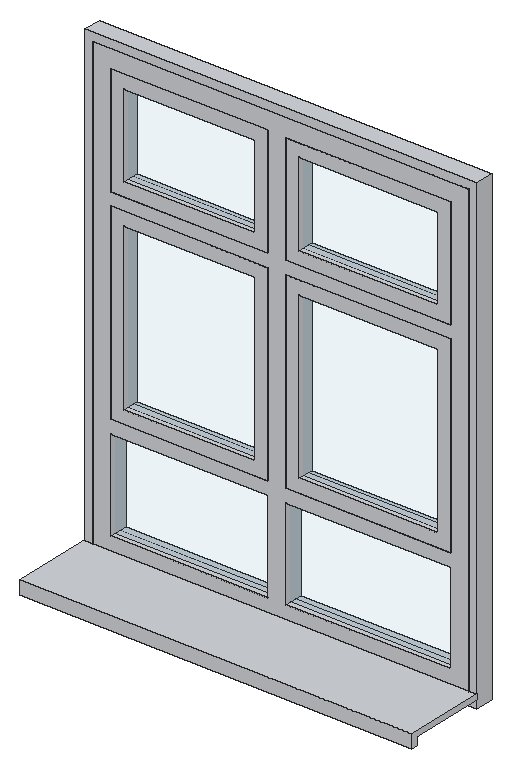
Revit family "AVLN_Окно_Две Фрамуга_2 створки", category Окна, Revit 2019
Family settings
  Основа = Стена
  Номер OmniClass = 23.30.20.00
  Заголовок OmniClass = Windows
  Всегда вертикально = Да
  При загрузке вырезать с полостями = Нет
  Общий = Нет
  Точка расчета площади = Нет
Parameters (values of type "Для копирования!")
  Ширина рамы = 70 mm
  Ширина импоста = 50 mm
  Четверть слева/справа = 50 mm
  Четверть низ = 0 mm  # constant formula
  Четверть верх = 50 mm
  Створка_сверху_высота = 420 mm
  Створка_снизу_высота = 350 mm
  Створка_толщина = 25 mm  # constant formula
  Толщина основы [instance] = 200 mm
  Створка_справа_ширина = Width - ((Ширина рамы * 3) + (Монтажный зазор * 2) + Створка_слева_ширина)  # 630 mm
  Створка_слева_ширина = 600 mm
  Створка_профиль = 50 mm
  Створка_высота = Height - (Створка_снизу_высота + Створка_сверху_высота + (Ширина рамы * 2) + (Ширина импоста * 2) + (Монтажный зазор * 2))  # 730 mm
  Центр право открывание = АВЛН_Створка открывная : Створка откидная
  Центр лево открывание = АВЛН_Створка открывная : Створка откидная
  Rough Width = Width - Монтажный зазор * 2  # 1440 mm
  Rough Height = Height - Монтажный зазор * 2  # 1740 mm
  Подстановочный профиль_Ширина = 20 mm  # constant formula
  Подстановочный профиль_Толщина = 60 mm
  Подоконник_Толщина = 20 mm
  Подоконник_Длина = Width  # 1500 mm
  Подоконник_Глубина = 280 mm
  Подоконник = yes
  Низ право открывание = АВЛН_Створка открывная : Створка глухая
  Низ лево открывание = АВЛН_Створка открывная : Створка глухая
  Глубина вставки = 0 mm
  Отлив_Толщина = 1 mm  # constant formula
  Отлив_Длина = Width - [Четверть слева/справа] * 2  # 1400 mm
  Отлив_Глубина = 280 mm
  Отлив = no
  Откос_Н.Ширина = Width - 2 * [Четверть слева/справа]  # 1400 mm
  Откос_Н.Толщина.8 = 32 mm
  Откос_Н.Толщина.7 = 28 mm
  Откос_Н.Толщина.6 = 24 mm
  Откос_Н.Толщина.5 = 20 mm
  Откос_Н.Толщина.4 = 16 mm
  Откос_Н.Толщина.3 = 12 mm
  Откос_Н.Толщина.2 = 8 mm
  Откос_Н.Толщина.1 = 4 mm
  Откос_Н.Отступ_П = 0 mm  # constant formula
  Откос_Н.Отступ_Л = 0 mm  # constant formula
  Откос_Н.Количество слоев = 0
  Откос_Н.Глубина = 150 mm
  Откос_Н.Высота = Height - Четверть верх - Четверть низ  # 1750 mm
  Откос_В.Толщина.8 = 32 mm
  Откос_В.Толщина.7 = 28 mm
  Откос_В.Толщина.6 = 24 mm
  Откос_В.Толщина.5 = 20 mm
  Откос_В.Толщина.4 = 16 mm
  Откос_В.Толщина.3 = 12 mm
  Откос_В.Толщина.2 = 8 mm
  Откос_В.Толщина.1 = 4 mm
  Откос_В.Отступ_П [instance] = Монтажный зазор + Подоконник_Толщина  # 50 mm
  Откос_В.Отступ_Л [instance] = Монтажный зазор + Подоконник_Толщина  # 50 mm
  Откос_В.Количество слоев = 0
  Откос_В.Глубина [instance] = Толщина основы - Глубина вставки - Ширина рамы  # 130 mm
  Монтажный зазор = 30 mm
  М.Подоконник = none
  М.Отлив = none
  М.Откос_Н.8 = none
  М.Откос_Н.7 = none
  М.Откос_Н.6 = none
  М.Откос_Н.5 = none
  М.Откос_Н.4 = none
  М.Откос_Н.3 = none
  М.Откос_Н.2 = none
  М.Откос_Н.1 = ADSK_Полимеры_ Поливинилхлорид_(ПВХ) белый
  М.Откос_В.8 = none
  М.Откос_В.7 = none
  М.Откос_В.6 = none
  М.Откос_В.5 = none
  М.Откос_В.4 = none
  М.Откос_В.3 = none
  М.Откос_В.2 = none
  М.Откос_В.1 = ADSK_Полимеры_ Поливинилхлорид_(ПВХ) белый
  М.Монтажного зазора = none
  М.Стекла = Стекло
  М.Рамы = none
  М.Подоконный профиль = none
  Type Comments = ""
  Height = 1800 mm
  Высота подоконника по умолчанию = 800 mm
  Замыкание стены = По основе
  Width = 1500 mm
  Верх право открывание = АВЛН_Створка открывная : Створка откидная
  Верх лево открывание = АВЛН_Створка открывная : Створка откидная
  Аналитическая конструкция = "<Нет>"
  АВЛН_Проем_Ширина [instance] = Width  # 1500 mm
  АВЛН_Проем_Высота [instance] = Height  # 1800 mm
  ADSK_Этаж [instance] = ""
  ADSK_Размер_Ширина = Width  # 1500 mm
  ADSK_Размер_Высота = Height  # 1800 mm
  ADSK_Примечание [instance] = ""
  ADSK_Площадь = Height * Width  # 2.70 m²
  ADSK_Обозначение = ""
  ADSK_Номер секции [instance] = ""
  ADSK_Наименование = ""
  ADSK_Марка = ""
  ADSK_Группирование = ""
  -----------Разрезка----------- = "-----------"  # constant formula
  -----------Профили----------- = "-----------"  # constant formula
  -----------Подоконник----------- = "-----------"  # constant formula
  -----------Отлив----------- = "-----------"  # constant formula
  -----------Откос----------- = "-----------"  # constant formula
  -----------Основные габариты----------- = "-----------"  # constant formula
  -----------Вставка----------- = "-----------"  # constant formula
Reference planes
  plane 1 "По центру (Вперед/Назад)": y = 0
  plane 2 "По центру (Влево/Вправо)": x = 0
  plane 3 "Слева": x = -750
  plane 4 "Справа": x = 750
  plane 5 "Подоконник": z = 800
  plane 6 "Заголовок": z = 2600
  plane 7 "Наружный": y = 100
  plane 8 "Внутренние": y = -100
  plane 9 "Окно": y = 100
  plane 10: x = 720
  plane 11: z = 2570
  plane 12: x = -720
  plane 13: z = 830
  plane 14: x = 700
  plane 15: x = -700
  plane 16: z = 1700
  plane 17: y = 700
  plane 18: y = -400
  plane 19: z = 2550
  plane 20 "Чет. низ": z = 800
  plane 21 "Внутряння грань": y = 30
  plane 22: y = 80
  plane 23 "Импост верх": z = 1300
  plane 24 "Импост низ": z = 1250
  plane 25: z = 900
  plane 26: z = 2500
  plane 27: x = -650
  plane 28: x = 650
  plane 29 "4": z = 1275
  plane 30 "5": x = -50
  plane 31 "6": x = 20
  plane 32 "9": x = 0
  plane 33 "10": x = 335
  plane 34 "11": x = -350
  plane 35 "12": z = 1665
  plane 36: z = 1075
  plane 37 "14": z = 2080
  plane 38 "15": z = 2030
  plane 39 "16": z = 2055
  plane 40: z = 2290
Forms (mm)
  Extrusion 1, void
    sketch origin (0, 100, 0) x (1, 0, 0) y (0, 0, 1)
      loop
        line (700, 2550) -> (-700, 2550) -> (-700, 800) -> (700, 800) -> (700, 2550)
    from -600 to 20
  Extrusion 2, void
    sketch origin (0, 100, 0) x (1, 0, 0) y (0, 0, 1)
      loop
        line (750, 2600) -> (-750, 2600) -> (-750, 800) -> (750, 800) -> (750, 2600)
    from 0 to 500
  Extrusion 3, solid, material <- "М.Монтажного зазора", detail levels medium+fine
    sketch origin (0, 100, 0) x (1, 0, 0) y (0, 0, 1)
      loop
        line (750, 2600) -> (-750, 2600) -> (-750, 800) -> (750, 800) -> (750, 2600)
      loop
        line (-720, 2570) -> (-720, 830) -> (720, 830) -> (720, 2570) -> (-720, 2570)
    from 0 to 70
  Extrusion 4, solid, material <- "М.Рамы", detail levels medium+fine
    sketch origin (0, 100, 0) x (-1, 0, 0) y (0, 0, 1)
      loop
        line (-720, 2570) -> (-720, 830) -> (720, 830) -> (720, 2570) -> (-720, 2570)
      loop
        line (-20, 900) -> (-20, 1250) -> (-650, 1250) -> (-650, 900) -> (-20, 900)
      loop
        line (50, 2500) -> (50, 2080) -> (650, 2080) -> (650, 2500) -> (50, 2500)
      loop
        line (50, 900) -> (650, 900) -> (650, 1250) -> (50, 1250) -> (50, 900)
      loop
        line (50, 1300) -> (650, 1300) -> (650, 2030) -> (50, 2030) -> (50, 1300)
      loop
        line (-20, 2500) -> (-650, 2500) -> (-650, 2080) -> (-20, 2080) -> (-20, 2500)
      loop
        line (-20, 1300) -> (-20, 2030) -> (-650, 2030) -> (-650, 1300) -> (-20, 1300)
    from -70 to 0
Lines and regions (mm)
  reference lines
    curve 1: line (-750, -100, 1275) -> (750, -100, 1275)
    curve 2: line (-15, -100, 2600) -> (-15, -100, 800)
    curve 3: line (-750, -100, 2055) -> (750, -100, 2055)
Text (mm)
  text "EXTERIOR" at (-1963.203, 1332.353, 0), in view "Опорный уровень"
  text "INTERIOR" at (-1981.466, -818.386, 0), in view "Опорный уровень"
  text "Наружный" at (0, 923.751, 2943.296), in view "Справа"
  text "Наружный" at (0, 1240.237, 2685.409), in view "Слева"
Dimensions and locks
  equal spacing: plane 3 "Слева", plane 2 "По центру (Влево/Вправо)", plane 4 "Справа"
  "Width": plane 3 "Слева" to plane 4 "Справа"
  "Height": plane 5 "Подоконник" to plane 6 "Заголовок"
  "Высота подоконника по умолчанию": plane 5 "Подоконник" to level
  locked: plane 7 "Наружный" to host wall at 0
  locked: plane 8 "Внутренние" to host wall
  "Глубина вставки": plane 9 "Окно" to plane 7 "Наружный"
  "Монтажный зазор": plane 10 to plane 4 "Справа"
  "Монтажный зазор": plane 3 "Слева" to plane 12
  "Монтажный зазор": plane 11 to plane 6 "Заголовок"
  "Монтажный зазор": plane 5 "Подоконник" to plane 13
  "Четверть слева/справа": plane 14 to plane 4 "Справа"
  "Четверть слева/справа": plane 3 "Слева" to plane 15
  equal spacing: plane 5 "Подоконник", plane 16, plane 6 "Заголовок"
  plane 7 "Наружный" to plane 17 = 600 mm
  locked: plane 18 to plane 8 "Внутренние" at 300
  "Четверть верх": plane 19 to plane 6 "Заголовок"
  "Четверть низ": plane 5 "Подоконник" to plane 20 "Чет. низ"
  "Ширина рамы": plane 9 "Окно" to plane 21 "Внутряння грань"
  "Толщина основы": host wall to host wall
  locked: plane 22 to plane 21 "Внутряння грань" at 50
  "Ширина импоста": plane 24 "Импост низ" to plane 23 "Импост верх"
  "Ширина рамы": plane 28 to plane 10
  "Ширина рамы": plane 12 to plane 27
  "Ширина рамы": plane 13 to plane 25
  "Ширина рамы": plane 26 to plane 11
  plane 23 "Импост верх" to plane 26 = 1200 mm
  "Створка_снизу_высота": plane 25 to plane 24 "Импост низ"
  equal spacing: plane 23 "Импост верх", plane 29 "4", plane 24 "Импост низ"
  "Створка_слева_ширина": plane 27 to plane 30 "5"
  "Ширина рамы": plane 30 "5" to plane 31 "6"
  equal spacing: plane 30 "5", curve 2, plane 31 "6"
  equal spacing: plane 31 "6", plane 33 "10", plane 28
  equal spacing: plane 27, plane 34 "11", plane 30 "5"
  equal spacing: plane 38 "15", plane 35 "12", plane 23 "Импост верх"
  equal spacing: plane 24 "Импост низ", plane 36, plane 25
  plane 23 "Импост верх" to nested 6 to plane 26 = 365 mm, 835 mm
  plane 25 to plane 36 to plane 24 "Импост низ" = 175 mm, 175 mm
  "Ширина импоста": plane 38 "15" to plane 37 "14"
  equal spacing: plane 37 "14", plane 39 "16", plane 38 "15"
  "Створка_сверху_высота": plane 37 "14" to plane 26
  equal spacing: plane 37 "14", plane 40, plane 26
  aligned and locked: Extrusion 1 sketch curve to plane 14
  aligned and locked: Extrusion 1 sketch curve to plane 15
  aligned and locked: plane 17 to Extrusion 1
  aligned and locked: Extrusion 2 sketch curve to plane 6 "Заголовок"
  aligned and locked: Extrusion 2 sketch curve to plane 4 "Справа"
  aligned and locked: plane 5 "Подоконник" to Extrusion 2 sketch curve
  aligned and locked: plane 3 "Слева" to Extrusion 2 sketch curve
  aligned and locked: plane 9 "Окно" to Extrusion 2
  aligned and locked: Extrusion 2 to plane 18
  aligned and locked: Extrusion 1 sketch curve to plane 19
  aligned and locked: plane 20 "Чет. низ" to Extrusion 1 sketch curve
  aligned and locked: plane 9 "Окно" to nested 1
  aligned and locked: plane 2 "По центру (Влево/Вправо)" to nested 1
  aligned and locked: nested 2 to plane 21 "Внутряння грань"
  aligned and locked: nested 2 to plane 2 "По центру (Влево/Вправо)"
  aligned and locked: nested 3 to plane 2 "По центру (Влево/Вправо)"
  aligned and locked: plane 8 "Внутренние" to nested 3
  aligned and locked: nested 4 to plane 9 "Окно"
  aligned and locked: Extrusion 3 sketch curve to plane 6 "Заголовок"
  aligned and locked: Extrusion 3 sketch curve to plane 4 "Справа"
  aligned and locked: Extrusion 3 sketch curve to nested 2  (x2)
  aligned and locked: Extrusion 3 sketch curve to plane 11
  aligned and locked: Extrusion 3 sketch curve to plane 12
  aligned and locked: Extrusion 3 sketch curve to plane 13
  aligned and locked: Extrusion 3 sketch curve to plane 10
  aligned and locked: Extrusion 3 to nested 2
  aligned and locked: plane 24 "Импост низ" to Extrusion 4 sketch curve
  aligned and locked: plane 23 "Импост верх" to Extrusion 4 sketch curve
  aligned and locked: Extrusion 4 sketch curve to Extrusion 4 sketch curve  (x2)
  aligned and locked: plane 27 to Extrusion 4 sketch curve
  aligned and locked: Extrusion 4 sketch curve to plane 12
  aligned and locked: plane 13 to Extrusion 4 sketch curve
  aligned and locked: Extrusion 4 sketch curve to plane 26
  aligned and locked: Extrusion 4 sketch curve to plane 11
  aligned and locked: plane 20 "Чет. низ" to nested 4
  aligned and locked: nested 4 to plane 2 "По центру (Влево/Вправо)"
  aligned and locked: plane 9 "Окно" to Extrusion 3
  aligned and locked: Extrusion 4 to plane 21 "Внутряння грань"
  aligned and locked: plane 9 "Окно" to Extrusion 4
  aligned and locked: Extrusion 1 to plane 22
  aligned and locked: curve 1 to plane 29 "4"
  aligned and locked: plane 3 "Слева" to curve 1
  aligned and locked: plane 4 "Справа" to curve 1
  aligned and locked: Extrusion 4 sketch curve to plane 30 "5"
  aligned and locked: Extrusion 4 sketch curve to plane 10
  aligned and locked: plane 26 to Extrusion 4 sketch curve
  aligned and locked: Extrusion 4 sketch curve to plane 25
  aligned and locked: Extrusion 4 sketch curve to plane 28
  aligned and locked: Extrusion 4 sketch curve to plane 24 "Импост низ"
  aligned and locked: Extrusion 4 sketch curve to plane 23 "Импост верх"
  aligned and locked: Extrusion 4 sketch curve to plane 31 "6"  (x2)
  aligned and locked: plane 6 "Заголовок" to curve 2
  aligned and locked: plane 5 "Подоконник" to curve 2
  aligned and locked: plane 35 "12" to nested 5
  aligned and locked: plane 35 "12" to nested 6
  aligned and locked: plane 33 "10" to nested 6
  aligned and locked: plane 36 to nested 7
  aligned and locked: plane 36 to nested 8
  aligned and locked: plane 33 "10" to nested 7
  aligned and locked: plane 34 "11" to nested 8
  aligned and locked: plane 34 "11" to nested 5
  aligned and locked: Extrusion 4 to plane 31 "6"
  aligned and locked: plane 30 "5" to Extrusion 4
  aligned and locked: plane 28 to Extrusion 4
  aligned and locked: Extrusion 4 to plane 27
  aligned and locked: plane 37 "14" to Extrusion 4 sketch curve
  aligned and locked: plane 38 "15" to Extrusion 4 sketch curve
  aligned and locked: Extrusion 4 sketch curve to plane 38 "15"
  aligned and locked: Extrusion 4 sketch curve to plane 37 "14"
  aligned and locked: plane 40 to nested 10
  aligned and locked: plane 34 "11" to nested 10
  aligned and locked: plane 40 to nested 9
  aligned and locked: plane 33 "10" to nested 9
  aligned and locked: curve 3 to plane 39 "16"
Automatic sketch dimensions
  plane 28 to Extrusion 4 sketch curve = 0 mm  (x2)
  plane 31 "6" to Extrusion 4 sketch curve = 0 mm
  plane 30 "5" to Extrusion 4 sketch curve = 0 mm
  plane 27 to Extrusion 4 sketch curve = 0 mm
  Extrusion 4 sketch curve to plane 25 = 0 mm
  plane 3 "Слева" to curve 3 = 0 mm
  plane 4 "Справа" to curve 3 = 0 mm
Nested families
  nested 1: "Отлив" at (0, 100, 800) x (-1, 0, 0) z (0, 0, 1), Глубина отлива <- "Отлив_Глубина", Длина отлива <- "Отлив_Длина", ТО <- "Отлив_Толщина", Ш_МЗЗ <- "Монтажный зазор", Ш_ПП <- "Подстановочный профиль_Ширина", ADSK_Группирование <- "ADSK_Группирование", ADSK_Номер секции <- "ADSK_Номер секции", ADSK_Этаж <- "ADSK_Этаж", visible <- "Отлив", М <- "М.Отлив", type "Отлив", detail levels fine
    with Ш_ПП 20 mm, Ш_МЗЗ 30 mm, ТО 1 mm, М none, Длина отлива 1400 mm, Глубина отлива 280 mm, ADSK_Этаж "", ADSK_Примечание "", ADSK_Обозначение "", ADSK_Номер секции "", ADSK_Наименование "", ADSK_Марка "", ADSK_Группирование ""
  nested 2: "Подоконник" at (0, 30, 800), Глубина подоконника <- "Подоконник_Глубина", Длина отлива <- "Подоконник_Длина", ТП <- "Подоконник_Толщина", Ш_МЗЗ <- "Монтажный зазор", Ш_ПП <- "Подстановочный профиль_Ширина", ADSK_Группирование <- "ADSK_Группирование", ADSK_Номер секции <- "ADSK_Номер секции", ADSK_Этаж <- "ADSK_Этаж", visible <- "Подоконник", М <- "М.Подоконник", type "Подоконник", detail levels fine
    with Ш_ПП 20 mm, Ш_МЗЗ 30 mm, ТП 20 mm, М none, Длина отлива 1500 mm, Глубина подоконника 280 mm, ADSK_Этаж "", ADSK_Примечание "", ADSK_Обозначение "", ADSK_Номер секции "", ADSK_Наименование "", ADSK_Марка "", ADSK_Группирование ""
  nested 3: "AVLN_Откосы_R19" at (0, -100, 0), Глубина <- "Откос_В.Глубина", Высота от уровня <- "Высота подоконника по умолчанию", ADSK_Группирование <- "Type Comments", ADSK_Этаж <- "ADSK_Этаж", ADSK_Номер секции <- "ADSK_Номер секции", Материал_1 <- "М.Откос_В.1", Материал_2 <- "М.Откос_В.2", Материал_3 <- "М.Откос_В.3", Материал_4 <- "М.Откос_В.4", Материал_5 <- "М.Откос_В.5", Материал_6 <- "М.Откос_В.6", Материал_7 <- "М.Откос_В.7", Материал_8 <- "М.Откос_В.8", Толщина_1 <- "Откос_В.Толщина.1", Толщина_2 <- "Откос_В.Толщина.2", Толщина_3 <- "Откос_В.Толщина.3", Толщина_4 <- "Откос_В.Толщина.4", Толщина_5 <- "Откос_В.Толщина.5", Толщина_6 <- "Откос_В.Толщина.6", Толщина_7 <- "Откос_В.Толщина.7", Толщина_8 <- "Откос_В.Толщина.8", Количество слоев <- "Откос_В.Количество слоев", Отступ_Л <- "Откос_В.Отступ_Л", Отступ_П <- "Откос_В.Отступ_П", Высота <- "Height", Ширина <- "Width", type "AVLN_Откосы_R19"
    with Ширина_8 1276 mm, Ширина_7 1332 mm, Ширина_6 1380 mm, Ширина_5 1420 mm, Ширина_4 1452 mm, Ширина_3 1476 mm, Ширина_2 1492 mm, Ширина 1500 mm, Толщина_8 32 mm, Толщина_7 28 mm, Толщина_6 24 mm, Толщина_5 20 mm, Толщина_4 16 mm, Толщина_3 12 mm, Толщина_2 8 mm, Толщина_1 4 mm, Отступ_П 50 mm, Отступ_Л 50 mm, Материал_8 none, Материал_7 none, Материал_6 none, Материал_5 none, Материал_4 none, Материал_3 none, Материал_2 none, Материал_1 ADSK_Полимеры_ Поливинилхлорид_(ПВХ) белый, Количество слоев 0, Глубина 130 mm, Высота_8 1688 mm, Высота_7 1716 mm, Высота_6 1740 mm, Высота_5 1760 mm, Высота_4 1776 mm, Высота_3 1788 mm, Высота_2 1796 mm, Высота от уровня 800 mm, Высота 1800 mm, Видимость_8 no, Видимость_7 no, Видимость_6 no, Видимость_5 no, Видимость_4 no, Видимость_3 no, Видимость_2 no, Видимость_1 no, ADSK_Этаж "", ADSK_Номер секции "", ADSK_Группирование ""
  nested 4: "AVLN_Откосы_R19" at (0, 100, 0), Ширина <- "Откос_Н.Ширина", Глубина <- "Откос_Н.Глубина", Высота <- "Откос_Н.Высота", Высота от уровня <- "Высота подоконника по умолчанию", ADSK_Группирование <- "Type Comments", ADSK_Этаж <- "ADSK_Этаж", ADSK_Номер секции <- "ADSK_Номер секции", Материал_1 <- "М.Откос_Н.1", Материал_2 <- "М.Откос_Н.2", Материал_3 <- "М.Откос_Н.3", Материал_4 <- "М.Откос_Н.4", Материал_5 <- "М.Откос_Н.5", Материал_6 <- "М.Откос_Н.6", Материал_7 <- "М.Откос_Н.7", Материал_8 <- "М.Откос_Н.8", Толщина_1 <- "Откос_Н.Толщина.1", Толщина_2 <- "Откос_Н.Толщина.2", Толщина_3 <- "Откос_Н.Толщина.3", Толщина_4 <- "Откос_Н.Толщина.4", Толщина_5 <- "Откос_Н.Толщина.5", Толщина_6 <- "Откос_Н.Толщина.6", Толщина_7 <- "Откос_Н.Толщина.7", Толщина_8 <- "Откос_Н.Толщина.8", Количество слоев <- "Откос_Н.Количество слоев", Отступ_Л <- "Откос_Н.Отступ_Л", Отступ_П <- "Откос_Н.Отступ_П", type "AVLN_Откосы_R19"
    with Ширина_8 1176 mm, Ширина_7 1232 mm, Ширина_6 1280 mm, Ширина_5 1320 mm, Ширина_4 1352 mm, Ширина_3 1376 mm, Ширина_2 1392 mm, Ширина 1400 mm, Толщина_8 32 mm, Толщина_7 28 mm, Толщина_6 24 mm, Толщина_5 20 mm, Толщина_4 16 mm, Толщина_3 12 mm, Толщина_2 8 mm, Толщина_1 4 mm, Отступ_П 0 mm, Отступ_Л 0 mm, Материал_8 none, Материал_7 none, Материал_6 none, Материал_5 none, Материал_4 none, Материал_3 none, Материал_2 none, Материал_1 ADSK_Полимеры_ Поливинилхлорид_(ПВХ) белый, Количество слоев 0, Глубина 150 mm, Высота_8 1638 mm, Высота_7 1666 mm, Высота_6 1690 mm, Высота_5 1710 mm, Высота_4 1726 mm, Высота_3 1738 mm, Высота_2 1746 mm, Высота от уровня 800 mm, Высота 1750 mm, Видимость_8 no, Видимость_7 no, Видимость_6 no, Видимость_5 no, Видимость_4 no, Видимость_3 no, Видимость_2 no, Видимость_1 no, ADSK_Этаж "", ADSK_Номер секции "", ADSK_Группирование ""
  nested 5: "АВЛН_Створка открывная" at (-350, 30, 1665) x (1, 0, 0) z (0, 1, 0), type <- "Центр лево открывание", Створка высота <- "Створка_высота", Створка ширина <- "Створка_слева_ширина", Ширина рамы <- "Створка_профиль", Материал_Ручки <- "М.Рамы", Материал_Рама <- "М.Рамы", Материал_Стеклопакет <- "М.Стекла", type "Створка откидная", detail levels medium+fine
    with Ширина рамы 50 mm, Створка ширина 600 mm, Створка высота 730 mm, Материал_Стеклопакет Стекло, Материал_Ручки none, Материал_Рама none, Width 600 mm, Height 730 mm
  nested 6: "АВЛН_Створка открывная" at (335, 30, 1665) x (1, 0, 0) z (0, 1, 0), type <- "Центр право открывание", Створка высота <- "Створка_высота", Створка ширина <- "Створка_справа_ширина", Ширина рамы <- "Створка_профиль", Материал_Ручки <- "М.Рамы", Материал_Рама <- "М.Рамы", Материал_Стеклопакет <- "М.Стекла", type "Створка откидная", detail levels medium+fine
    with Ширина рамы 50 mm, Створка ширина 630 mm, Створка высота 730 mm, Материал_Стеклопакет Стекло, Материал_Ручки none, Материал_Рама none, Width 600 mm, Height 730 mm
  nested 7: "АВЛН_Створка открывная" at (335, 30, 1075) x (1, 0, 0) z (0, 1, 0), type <- "Низ право открывание", Створка высота <- "Створка_снизу_высота", Створка ширина <- "Створка_справа_ширина", Ширина рамы <- "Створка_профиль", Материал_Ручки <- "М.Рамы", Материал_Рама <- "М.Рамы", Материал_Стеклопакет <- "М.Стекла", type "Створка глухая", detail levels medium+fine
    with Ширина рамы 50 mm, Створка ширина 630 mm, Створка высота 350 mm, Материал_Стеклопакет Стекло, Материал_Ручки none, Материал_Рама none, Height 730 mm
  nested 8: "АВЛН_Створка открывная" at (-350, 30, 1075) x (1, 0, 0) z (0, 1, 0), Створка высота <- "Створка_снизу_высота", Створка ширина <- "Створка_слева_ширина", Ширина рамы <- "Створка_профиль", type <- "Низ лево открывание", Материал_Ручки <- "М.Рамы", Материал_Рама <- "М.Рамы", Материал_Стеклопакет <- "М.Стекла", type "Створка глухая", detail levels medium+fine
    with Ширина рамы 50 mm, Створка ширина 600 mm, Створка высота 350 mm, Материал_Стеклопакет Стекло, Материал_Ручки none, Материал_Рама none, Height 730 mm
  nested 9: "АВЛН_Створка открывная" at (335, 30, 2290) x (1, 0, 0) z (0, 1, 0), type <- "Верх право открывание", Створка высота <- "Створка_сверху_высота", Створка ширина <- "Створка_справа_ширина", Ширина рамы <- "Створка_профиль", Материал_Ручки <- "М.Рамы", Материал_Рама <- "М.Рамы", Материал_Стеклопакет <- "М.Стекла", type "Створка откидная", detail levels medium+fine
    with Ширина рамы 50 mm, Створка ширина 630 mm, Створка высота 420 mm, Материал_Стеклопакет Стекло, Материал_Ручки none, Материал_Рама none, Width 600 mm, Height 730 mm
  nested 10: "АВЛН_Створка открывная" at (-350, 30, 2290) x (1, 0, 0) z (0, 1, 0), type <- "Верх лево открывание", Створка высота <- "Створка_сверху_высота", Створка ширина <- "Створка_слева_ширина", Ширина рамы <- "Створка_профиль", Материал_Ручки <- "М.Рамы", Материал_Рама <- "М.Рамы", Материал_Стеклопакет <- "М.Стекла", type "Створка откидная", detail levels medium+fine
    with Ширина рамы 50 mm, Створка ширина 600 mm, Створка высота 420 mm, Материал_Стеклопакет Стекло, Материал_Ручки none, Материал_Рама none, Width 600 mm, Height 730 mm
Definition of nested family "Отлив"
  Parameters (values of type "Отлив")
    Ш_ПП [instance] = 50 mm
    Ш_МЗЗ [instance] = 35 mm
    ТО [instance] = 1 mm
    Default Elevation = 1219.2 mm
    М [instance] = none
    Длина отлива [instance] = 1560 mm
    Глубина отлива [instance] = 280 mm
    ADSK_Этаж [instance] = ""
    ADSK_Примечание [instance] = ""
    ADSK_Обозначение [instance] = ""
    ADSK_Номер секции [instance] = ""
    ADSK_Наименование [instance] = ""
    ADSK_Марка [instance] = ""
    ADSK_Группирование [instance] = ""
  Reference planes
    plane 1 "По центру (Вперед/Назад)": y = 0
    plane 2: z = 0
    plane 3 "По центру (Влево/Вправо)": x = 0
    plane 4: y = -280
    plane 5: x = -780
    plane 6: x = 780
    plane 7: z = 35
    plane 8: z = 85
    plane 9: y = -1
    plane 10: y = -300
    plane 11: y = -301
    plane 12: z = -35
    plane 13: z = 34
  Forms (mm)
    Extrusion 1, solid, material <- "М"
      sketch origin (0, 0, 0) x (0, 1, 0) y (0, 0, 1)
        loop
          line (0, 85) -> (-1, 85) -> (-1, 34.893) -> (-301, 0.893) -> (-301, -35) -> (-300, -35) -> (-300, 0) -> (0, 34) -> (0, 85)
      from -780 to 780
  Dimensions and locks
    equal spacing: plane 5, plane 3 "По центру (Влево/Вправо)", plane 6
    "Длина отлива": plane 5 to plane 6
    "Глубина отлива": plane 4 to plane 1 "По центру (Вперед/Назад)"
    "Ш_МЗЗ": plane 7 to level
    "Ш_ПП": plane 8 to plane 7
    "ТО": plane 1 "По центру (Вперед/Назад)" to plane 9
    "ТО": plane 10 to plane 11
    locked: level to plane 12 at 35
    "ТО": plane 7 to plane 13
    "ТО": Extrusion 1 sketch curve to Extrusion 1 sketch curve
    locked: plane 4 to plane 10 at 20
    aligned and locked: level to plane 2
    aligned and locked: plane 8 to Extrusion 1 sketch curve
    aligned and locked: plane 9 to Extrusion 1 sketch curve
    aligned and locked: plane 11 to Extrusion 1 sketch curve
    aligned and locked: plane 12 to Extrusion 1 sketch curve
    aligned and locked: plane 1 "По центру (Вперед/Назад)" to Extrusion 1 sketch curve  (x2)
    aligned and locked: plane 13 to Extrusion 1 sketch curve
    aligned and locked: level to Extrusion 1 sketch curve
    aligned and locked: plane 10 to Extrusion 1 sketch curve
    aligned and locked: plane 6 to Extrusion 1
    aligned and locked: Extrusion 1 to plane 5
Definition of nested family "Подоконник"
  Parameters (values of type "Подоконник")
    Ш_ПП [instance] = 50 mm
    Ш_МЗЗ [instance] = 35 mm
    ТП [instance] = 20 mm
    Default Elevation = 1219.2 mm
    М [instance] = none
    Длина отлива [instance] = 1560 mm
    Глубина подоконника [instance] = 280 mm
    ADSK_Этаж [instance] = ""
    ADSK_Примечание [instance] = ""
    ADSK_Обозначение [instance] = ""
    ADSK_Номер секции [instance] = ""
    ADSK_Наименование [instance] = ""
    ADSK_Марка [instance] = ""
    ADSK_Группирование [instance] = ""
  Reference planes
    plane 1 "По центру (Вперед/Назад)": y = 0
    plane 2: z = 0
    plane 3 "По центру (Влево/Вправо)": x = 0
    plane 4: y = -280
    plane 5: x = -780
    plane 6: x = 780
    plane 7: z = 35
    plane 8: z = 85
    plane 9: y = -20
    plane 10: y = -290
    plane 11: y = -310
    plane 12: z = -35
    plane 13: z = 15
    plane 14: z = 65
  Forms (mm)
    Extrusion 1, solid, material <- "М"
      sketch origin (0, 0, 0) x (0, 1, 0) y (0, 0, 1)
        loop
          line (0, 85) -> (-310, 85) -> (-310, 0) -> (-290, 0) -> (-290, 65) -> (0, 65) -> (0, 85)
      from -780 to 780
  Dimensions and locks
    equal spacing: plane 5, plane 3 "По центру (Влево/Вправо)", plane 6
    "Длина отлива": plane 5 to plane 6
    "Глубина подоконника": plane 4 to plane 1 "По центру (Вперед/Назад)"
    "Ш_МЗЗ": plane 7 to level
    "Ш_ПП": plane 8 to plane 7
    "ТП": plane 1 "По центру (Вперед/Назад)" to plane 9
    "ТП": plane 10 to plane 11
    locked: level to plane 12 at 35
    "ТП": plane 7 to plane 13
    locked: plane 4 to plane 10 at 10
    "ТП": plane 8 to plane 14
    aligned and locked: level to plane 2
    aligned and locked: plane 8 to Extrusion 1 sketch curve
    aligned and locked: plane 1 "По центру (Вперед/Назад)" to Extrusion 1 sketch curve
    aligned and locked: plane 10 to Extrusion 1 sketch curve
    aligned and locked: plane 11 to Extrusion 1 sketch curve
    aligned and locked: level to Extrusion 1 sketch curve
    aligned and locked: plane 14 to Extrusion 1 sketch curve
    aligned and locked: Extrusion 1 to plane 5
    aligned and locked: plane 6 to Extrusion 1
Definition of nested family "АВЛН_Створка открывная"
  Parameters (values of type "Створка повороно-откидная правая")
    Ширина рамы [instance] = 50 mm
    Width = 600 mm
    Створка ширина [instance] = 800 mm
    Створка высота [instance] = 700 mm
    Материал_Стеклопакет [instance] = none
    Поворотная Правая = yes
    Поворотная Левая = no
    Default Elevation = 1219.2 mm
    Открываная = yes
    Откидная = yes
    Материал_Ручки [instance] = none
    Материал_Рама [instance] = none
    Левая = yes
    Глухое = no
    Height = 1150 mm
    Analytic Construction = "<Нет>"
  Types (6, lengths in mm): name | Width | Поворотная Правая | Поворотная Левая | Открываная | Откидная | Глухое | Height
    Створка повороно-откидная правая | 600 | yes | no | yes | yes | no | 1150
    Створка повороно-откидная левая | 600 | no | yes | yes | yes | no | 1150
    Створка глухая | 600 | no | no | no | no | yes | 1150
    Створка откидная | 1300 | no | no | yes | yes | no | 1700
    Створка поворотная правая | 600 | yes | no | yes | no | no | 1150
    Створка поворотная левая | 600 | no | yes | yes | no | no | 1150
  Reference planes
    plane 1 "По центру (Вперед/Назад)": y = 0
    plane 2 "Внутрення грань": z = 0
    plane 3 "По центру (Влево/Вправо)": x = 0
    plane 4: y = 350
    plane 5: x = 400
    plane 6: y = -350
    plane 7: x = -400
    plane 8 "Наружняя грань": z = 60.433
    plane 9 "По центру Л/Р": z = 30.216
  Forms (mm)
    Extrusion 1, solid
      sketch origin (0, 0, 0) x (1, 0, 0) y (0, 1, 0)
        loop
          line (-1219.2, 1219.2) -> (-1219.2, -1219.2) -> (1219.2, -1219.2) -> (1219.2, 1219.2) -> (-1219.2, 1219.2)
      from 0 to -304.8
    Sweep 2, solid, material <- "Материал_Рама", visible <- "Открываная"
      path origin (0, 0, 0) x (1, 0, 0) y (0, 1, 0)
        loop
          line (400, 350) -> (-400, 350) -> (-400, -350) -> (400, -350) -> (400, 350)
      profile origin (0, 350, 0) x (0, -1, 0) y (0, 0, 1)
        loop
          line (0, 0) -> (50, 0) -> (50, 60.433) -> (0, 60.433) -> (0, 0)
    Extrusion 3, solid, material <- "Материал_Стеклопакет", visible <- "Открываная"
      sketch origin (0, 0, 0) x (1, 0, 0) y (0, 1, 0)
        loop
          line (-350, 300) -> (-350, -300) -> (350, -300) -> (350, 300) -> (-350, 300)
      from 17.481 to 42.952
    Extrusion 4, solid, material <- "Материал_Стеклопакет", visible <- "Глухое"
      sketch origin (0, 0, 0) x (1, 0, 0) y (0, 1, 0)
        loop
          line (-400, 350) -> (-400, -350) -> (400, -350) -> (400, 350) -> (-400, 350)
      from 17.481 to 42.952
  Lines and regions (mm)
    model lines, visible <- "Глухое", detail levels medium+fine
      curve 1: line (0, 50, 60.433) -> (0, -50, 60.433)
      curve 2: line (50, 0, 60.433) -> (-50, 0, 60.433)
      curve 17: line (0, 50, 0) -> (0, -50, 0)
      curve 18: line (50, 0, 0) -> (-50, 0, 0)
    model lines, visible <- "Глухое", not visible, detail levels medium+fine
      curve 3: line (60, 38.001, 60.433) -> (60, -61.999, 60.433)
      curve 4: line (110, -11.999, 60.433) -> (10, -11.999, 60.433)
    model lines, visible <- "Поворотная Правая", detail levels medium+fine
      curve 5: line (400, 350, 0) -> (-400, 0, 0)
      curve 6: line (400, -350, 0) -> (-400, 0, 0)
      curve 13: line (400, 350, 60.433) -> (-400, 0, 60.433)
      curve 14: line (400, -350, 60.433) -> (-400, 0, 60.433)
    model lines, visible <- "Откидная", detail levels medium+fine
      curve 7: line (-400, -350, 0) -> (0, 350, 0)
      curve 8: line (0, 350, 0) -> (400, -350, 0)
      curve 15: line (-400, -350, 60.433) -> (0, 350, 60.433)
      curve 16: line (0, 350, 60.433) -> (400, -350, 60.433)
    model lines, visible <- "Поворотная Левая", detail levels medium+fine
      curve 9: line (-400, 350, 0) -> (400, 0, 0)
      curve 10: line (-400, -350, 0) -> (400, 0, 0)
      curve 11: line (-400, 350, 60.433) -> (400, 0, 60.433)
      curve 12: line (-400, -350, 60.433) -> (400, 0, 60.433)
  Dimensions and locks
    "Створка высота": plane 4 to plane 6
    "Створка ширина": plane 7 to plane 5
    equal spacing: plane 7, plane 3 "По центру (Влево/Вправо)", plane 5
    equal spacing: plane 6, plane 1 "По центру (Вперед/Назад)", plane 4
    plane 2 "Внутрення грань" to plane 8 "Наружняя грань" = 60.433 mm
    level to Extrusion 4 = 42.952 mm
    plane 8 "Наружняя грань" to level = 60.433 mm
    equal spacing: Extrusion 3, plane 9 "По центру Л/Р", Extrusion 3
    equal spacing: plane 8 "Наружняя грань", plane 9 "По центру Л/Р", level
    Extrusion 3 to Extrusion 3 = 25.471 mm
    "Ширина рамы": profile plane to Sweep 2 sketch curve
    equal spacing: Extrusion 4, plane 9 "По центру Л/Р", Extrusion 4, locked at 12.735 each
    locked: Extrusion 4 to Extrusion 4 at 25.471
    equal spacing: Sweep 2, nested 1, Sweep 2
    equal spacing: Sweep 2, nested 2, Sweep 2
    aligned and locked: plane 2 "Внутрення грань" to Extrusion 1
    aligned and locked: level to Extrusion 1
    aligned and locked: plane 4 to Sweep 2 sketch curve
    aligned and locked: plane 5 to Sweep 2 sketch curve
    aligned and locked: plane 6 to Sweep 2 sketch curve
    aligned and locked: Sweep 2 sketch curve to plane 7
    aligned and locked: Extrusion 3 sketch curve to Sweep 2  (x4)
    aligned and locked: Extrusion 4 sketch curve to Sweep 2  (x3)
    aligned and locked: Extrusion 4 sketch curve to plane 5
    aligned and locked: Sweep 2 sketch curve to plane 8 "Наружняя грань"
    aligned and locked: plane 6 to Extrusion 4
    aligned and locked: plane 4 to Extrusion 4
    aligned and locked: curve 2 to plane 1 "По центру (Вперед/Назад)"
    aligned and locked: curve 1 to plane 3 "По центру (Влево/Вправо)"
    aligned and locked: curve 18 to plane 1 "По центру (Вперед/Назад)"
    aligned and locked: curve 17 to plane 3 "По центру (Влево/Вправо)"
    aligned and locked: nested 2 to plane 1 "По центру (Вперед/Назад)"
    aligned and locked: nested 1 to plane 1 "По центру (Вперед/Назад)"
  Automatic sketch dimensions
    Extrusion 1 sketch curve to Extrusion 1 sketch curve = 2438.4 mm  (x2)
    plane 1 "По центру (Вперед/Назад)" to curve 5 = 0 mm
    curve 5 to plane 7 = 0 mm
    curve 9 to plane 4 = 0 mm
    curve 9 to plane 7 = 0 mm
    plane 6 to curve 7 = 0 mm
    curve 7 to plane 7 = 0 mm
    curve 7 to plane 3 "По центру (Влево/Вправо)" = 0 mm
    curve 6 to plane 5 = 0 mm
    plane 1 "По центру (Вперед/Назад)" to curve 9 = 0 mm
    curve 9 to plane 5 = 0 mm
    curve 5 to plane 4 = 0 mm
    curve 5 to plane 5 = 0 mm
    plane 6 to curve 8 = 0 mm
    curve 8 to plane 4 = 0 mm
    curve 11 to plane 4 = 0 mm
    curve 11 to plane 7 = 0 mm
    plane 6 to curve 15 = 0 mm
    curve 15 to plane 7 = 0 mm
    plane 1 "По центру (Вперед/Назад)" to curve 14 = 0 mm
    curve 14 to plane 7 = 0 mm
    curve 15 to plane 3 "По центру (Влево/Вправо)" = 0 mm
    plane 1 "По центру (Вперед/Назад)" to curve 11 = 0 mm
    curve 11 to plane 5 = 0 mm
    curve 14 to plane 5 = 0 mm
    curve 13 to plane 4 = 0 mm
    curve 13 to plane 5 = 0 mm
    plane 6 to curve 14 = 0 mm
    curve 15 to plane 4 = 0 mm
    plane 1 "По центру (Вперед/Назад)" to curve 2 = 0 mm
    curve 1 to plane 3 "По центру (Влево/Вправо)" = 0 mm
    curve 2 to plane 3 "По центру (Влево/Вправо)" = 50 mm
    plane 3 "По центру (Влево/Вправо)" to curve 2 = 50 mm
    plane 1 "По центру (Вперед/Назад)" to curve 1 = 50 mm
    curve 1 to plane 1 "По центру (Вперед/Назад)" = 50 mm
    curve 18 to curve 17 = 50 mm
    curve 17 to curve 18 = 50 mm
    plane 1 "По центру (Вперед/Назад)" to curve 17 = 50 mm
    curve 17 to plane 1 "По центру (Вперед/Назад)" = 50 mm
    Sweep 2 sketch curve to level = 0 mm
    Sweep 2 sketch curve to profile plane = 0 mm
  Nested families
    nested 1: "АВЛН_Ручка" at (375, 1040, 0) x (1, 0, 0) z (0, -1, 0), visible <- "Поворотная Левая", Материал дверной ручки <- "Материал_Рама", type "АВЛН_Ручка", detail levels fine
      with Материал дверной ручки none, Высота расположения дверной ручки 1040 mm
    nested 2: "АВЛН_Ручка" at (-375, 1040, 0) x (1, 0, 0) z (0, -1, 0), visible <- "Поворотная Правая", Материал дверной ручки <- "Материал_Рама", type "АВЛН_Ручка", detail levels fine
      with Материал дверной ручки none, Высота расположения дверной ручки 1040 mm
  Definition of nested family "АВЛН_Ручка"
    Parameters (values of type "АВЛН_Ручка")
      Default Elevation = 1219.2 mm
      Материал дверной ручки [instance] = none
      Высота расположения дверной ручки [instance] = 1040 mm
      Analytic Construction = "<Нет>"
      b = 25 mm
      a = 75 mm
    Reference planes
      plane 1 "По центру (Вперед/Назад)": y = 0
      plane 2: z = 0
      plane 3 "По центру (Влево/Вправо)": x = 0
      plane 4: z = 1040
      plane 5: x = 12.5
      plane 6: x = -12.5
      plane 7: z = 1002.5
      plane 8: z = 1077.5
      plane 9: y = -15
    Forms (mm)
      Extrusion 1, solid, material <- "Материал дверной ручки"
        sketch origin (0, 0, 2080) x (-1, 0, 0) y (0, 0, -1)
          loop
            arc (-2.5, 1077.5) -> (-9.571, 1074.571) -> (-12.5, 1067.5) r 10
            line (-12.5, 1067.5) -> (-12.5, 1012.5)
            arc (-12.5, 1012.5) -> (-9.571, 1005.429) -> (-2.5, 1002.5) r 10
            line (-2.5, 1002.5) -> (2.5, 1002.5)
            arc (2.5, 1002.5) -> (9.571, 1005.429) -> (12.5, 1012.5) r 10
            line (12.5, 1012.5) -> (12.5, 1067.5)
            arc (12.5, 1067.5) -> (9.571, 1074.571) -> (2.5, 1077.5) r 10
            line (2.5, 1077.5) -> (-2.5, 1077.5)
        from 0 to 15
      Sweep 2, solid, material <- "Материал дверной ручки"
        path origin (-1040, 0, 1040) x (0, 0, -1) y (0, 1, 0)
          loop
            line (0, -15) -> (0, -38.261)
            arc (0, -38.261) -> (-2.929, -45.332) -> (-10, -48.261) r 10
            line (-10, -48.261) -> (-130, -48.261)
        profile origin (-1040, -26.63, 1040) x (0, 0, -1) y (1, 0, 0)
          loop
            circle (0, 1040) r 8
    Dimensions and locks
      "Высота расположения дверной ручки": plane 4 to level
      "a": plane 7 to plane 8
      "b": plane 6 to plane 5
      plane 6 to plane 5 = 25 mm
      locked: plane 1 "По центру (Вперед/Назад)" to plane 9 at 15
      plane 7 to plane 8 = 75 mm
      aligned and locked: level to plane 2
      aligned and locked: Extrusion 1 sketch curve to plane 7
      aligned and locked: plane 5 to Extrusion 1 sketch curve
      aligned and locked: plane 8 to Extrusion 1 sketch curve
      aligned and locked: Extrusion 1 sketch curve to plane 6
      aligned and locked: Extrusion 1 to plane 1 "По центру (Вперед/Назад)"
    Automatic sketch dimensions
      Sweep 2 sketch curve to plane 9 = 0 mm
      plane 4 to Sweep 2 sketch curve = 10 mm
      plane 9 to Sweep 2 sketch curve = 23.261 mm
      Sweep 2 sketch curve to Sweep 2 sketch curve = 120 mm
      Sweep 2 sketch curve to profile plane = 0 mm
      profile plane to Sweep 2 sketch curve = 1040 mm
      Sweep 2 sketch curve to plane 4 = 0 mm
      plane 3 "По центру (Влево/Вправо)" to Extrusion 1 sketch curve = 2.5 mm  (x2)
      Extrusion 1 sketch curve to plane 3 "По центру (Влево/Вправо)" = 2.5 mm  (x2)
      radius of Sweep 2 sketch curve = 8 mm
Definition of nested family "AVLN_Откосы_R19"
  Parameters (values of type "AVLN_Откосы_R19")
    Ширина_8 [instance] = Ширина_7 - Толщина_7 * 2  # 776 mm
    Ширина_7 [instance] = Ширина_6 - Толщина_6 * 2  # 832 mm
    Ширина_6 [instance] = Ширина_5 - Толщина_5 * 2  # 880 mm
    Ширина_5 [instance] = Ширина_4 - Толщина_4 * 2  # 920 mm
    Ширина_4 [instance] = Ширина_3 - Толщина_3 * 2  # 952 mm
    Ширина_3 [instance] = Ширина_2 - Толщина_2 * 2  # 976 mm
    Ширина_2 [instance] = Ширина - Толщина_1 * 2  # 992 mm
    Ширина [instance] = 1000 mm
    Толщина_8 [instance] = 32 mm
    Толщина_7 [instance] = 28 mm
    Толщина_6 [instance] = 24 mm
    Толщина_5 [instance] = 20 mm
    Толщина_4 [instance] = 16 mm
    Толщина_3 [instance] = 12 mm
    Толщина_2 [instance] = 8 mm
    Толщина_1 [instance] = 4 mm
    Отступ_П [instance] = 0 mm
    Отступ_Л [instance] = 0 mm
    Default Elevation = 1219.2 mm
    Материал_8 [instance] = none
    Материал_7 [instance] = none
    Материал_6 [instance] = none
    Материал_5 [instance] = none
    Материал_4 [instance] = none
    Материал_3 [instance] = none
    Материал_2 [instance] = none
    Материал_1 [instance] = none
    Type Comments = ""
    Количество слоев [instance] = 8
    Глубина [instance] = 200 mm
    Высота_8 [instance] = Высота_7 - Толщина_7  # 1388 mm
    Высота_7 [instance] = Высота_6 - Толщина_6  # 1416 mm
    Высота_6 [instance] = Высота_5 - Толщина_5  # 1440 mm
    Высота_5 [instance] = Высота_4 - Толщина_4  # 1460 mm
    Высота_4 [instance] = Высота_3 - Толщина_3  # 1476 mm
    Высота_3 [instance] = Высота_2 - Толщина_2  # 1488 mm
    Высота_2 [instance] = Высота - Толщина_1  # 1496 mm
    Высота от уровня [instance] = 377.189 mm
    Высота [instance] = 1500 mm
    Видимость_8 [instance] = Количество слоев > 7  # yes
    Видимость_7 [instance] = Количество слоев > 6  # yes
    Видимость_6 [instance] = Количество слоев > 5  # yes
    Видимость_5 [instance] = Количество слоев > 4  # yes
    Видимость_4 [instance] = Количество слоев > 3  # yes
    Видимость_3 [instance] = Количество слоев > 2  # yes
    Видимость_2 [instance] = Количество слоев > 1  # yes
    Видимость_1 [instance] = Количество слоев > 0  # yes
    ADSK_Этаж [instance] = ""
    ADSK_Номер секции [instance] = ""
    ADSK_Группирование [instance] = ""
  Reference planes
    plane 1 "По центру (Вперед/Назад)": y = 0
    plane 2: z = 0
    plane 3 "По центру (Влево/Вправо)": x = 0
    plane 4: y = 200
    plane 5: z = 377.189
  Dimensions and locks
    "Глубина": plane 4 to plane 1 "По центру (Вперед/Назад)"
    "Высота от уровня": plane 5 to level
    aligned and locked: level to plane 2
    aligned and locked: plane 3 "По центру (Влево/Вправо)" to nested 1
    aligned and locked: nested 1 to plane 1 "По центру (Вперед/Назад)"
    aligned and locked: plane 3 "По центру (Влево/Вправо)" to nested 2
    aligned and locked: nested 2 to plane 1 "По центру (Вперед/Назад)"
    aligned and locked: plane 3 "По центру (Влево/Вправо)" to nested 3
    aligned and locked: nested 3 to plane 1 "По центру (Вперед/Назад)"
    aligned and locked: plane 3 "По центру (Влево/Вправо)" to nested 4
    aligned and locked: nested 4 to plane 1 "По центру (Вперед/Назад)"
    aligned and locked: plane 3 "По центру (Влево/Вправо)" to nested 5
    aligned and locked: nested 5 to plane 1 "По центру (Вперед/Назад)"
    aligned and locked: plane 3 "По центру (Влево/Вправо)" to nested 6
    aligned and locked: nested 6 to plane 1 "По центру (Вперед/Назад)"
    aligned and locked: plane 3 "По центру (Влево/Вправо)" to nested 7
    aligned and locked: nested 7 to plane 1 "По центру (Вперед/Назад)"
    aligned and locked: plane 3 "По центру (Влево/Вправо)" to nested 8
    aligned and locked: nested 8 to plane 1 "По центру (Вперед/Назад)"
  Nested families
    nested 1: "Откос_R1" at (0, 100, 377.189), ADSK_Размер_Глубина <- "Глубина", built-in parameter 1001364 <- "Высота от уровня", ADSK_Группирование <- "ADSK_Группирование", ADSK_Номер секции <- "ADSK_Номер секции", ADSK_Этаж <- "ADSK_Этаж", visible <- "Видимость_1", Видимость <- "Видимость_1", Материал <- "Материал_1", ADSK_Размер_Высота <- "Высота", ADSK_Размер_Толщина <- "Толщина_1", ADSK_Размер_Ширина <- "Ширина", Отступ_Л <- "Отступ_Л", Отступ_П <- "Отступ_П", type "Откос_R19 2"
      with Площадь 0.80 m², Отступ_П 0 mm, Отступ_Л 0 mm, Материал none, Видимость yes, ADSK_Этаж "", ADSK_Размер_Ширина 1000 mm, ADSK_Размер_Толщина 4 mm, ADSK_Размер_Глубина 200 mm, ADSK_Размер_Высота 1500 mm, ADSK_Номер секции "", ADSK_Группирование ""
    nested 2: "Откос_R1" at (0, 100, 377.189), ADSK_Размер_Глубина <- "Глубина", built-in parameter 1001364 <- "Высота от уровня", ADSK_Группирование <- "ADSK_Группирование", ADSK_Номер секции <- "ADSK_Номер секции", ADSK_Этаж <- "ADSK_Этаж", visible <- "Видимость_2", Видимость <- "Видимость_2", Материал <- "Материал_2", ADSK_Размер_Высота <- "Высота_2", ADSK_Размер_Толщина <- "Толщина_2", ADSK_Размер_Ширина <- "Ширина_2", Отступ_Л <- "Отступ_Л", Отступ_П <- "Отступ_П", type "Откос_R19 2"
      with Площадь 0.7968 m², Отступ_П 0 mm, Отступ_Л 0 mm, Материал none, Видимость yes, ADSK_Этаж "", ADSK_Размер_Ширина 992 mm, ADSK_Размер_Толщина 8 mm, ADSK_Размер_Глубина 200 mm, ADSK_Размер_Высота 1496 mm, ADSK_Номер секции "", ADSK_Группирование ""
    nested 3: "Откос_R1" at (0, 100, 377.189), ADSK_Размер_Глубина <- "Глубина", built-in parameter 1001364 <- "Высота от уровня", ADSK_Группирование <- "ADSK_Группирование", ADSK_Номер секции <- "ADSK_Номер секции", ADSK_Этаж <- "ADSK_Этаж", visible <- "Видимость_3", Видимость <- "Видимость_3", Материал <- "Материал_3", ADSK_Размер_Высота <- "Высота_3", ADSK_Размер_Толщина <- "Толщина_3", ADSK_Размер_Ширина <- "Ширина_3", Отступ_Л <- "Отступ_Л", Отступ_П <- "Отступ_П", type "Откос_R19 2"
      with Площадь 0.7904 m², Отступ_П 0 mm, Отступ_Л 0 mm, Материал none, Видимость yes, ADSK_Этаж "", ADSK_Размер_Ширина 976 mm, ADSK_Размер_Толщина 12 mm, ADSK_Размер_Глубина 200 mm, ADSK_Размер_Высота 1488 mm, ADSK_Номер секции "", ADSK_Группирование ""
    nested 4: "Откос_R1" at (0, 100, 377.189), ADSK_Размер_Глубина <- "Глубина", built-in parameter 1001364 <- "Высота от уровня", ADSK_Группирование <- "ADSK_Группирование", ADSK_Номер секции <- "ADSK_Номер секции", ADSK_Этаж <- "ADSK_Этаж", visible <- "Видимость_4", Видимость <- "Видимость_4", Материал <- "Материал_4", ADSK_Размер_Высота <- "Высота_4", ADSK_Размер_Толщина <- "Толщина_4", ADSK_Размер_Ширина <- "Ширина_4", Отступ_Л <- "Отступ_Л", Отступ_П <- "Отступ_П", type "Откос_R19 2"
      with Площадь 0.7808 m², Отступ_П 0 mm, Отступ_Л 0 mm, Материал none, Видимость yes, ADSK_Этаж "", ADSK_Размер_Ширина 952 mm, ADSK_Размер_Толщина 16 mm, ADSK_Размер_Глубина 200 mm, ADSK_Размер_Высота 1476 mm, ADSK_Номер секции "", ADSK_Группирование ""
    nested 5: "Откос_R1" at (0, 100, 377.189), ADSK_Размер_Глубина <- "Глубина", built-in parameter 1001364 <- "Высота от уровня", ADSK_Группирование <- "ADSK_Группирование", ADSK_Номер секции <- "ADSK_Номер секции", ADSK_Этаж <- "ADSK_Этаж", visible <- "Видимость_5", Видимость <- "Видимость_5", Материал <- "Материал_5", ADSK_Размер_Высота <- "Высота_5", ADSK_Размер_Толщина <- "Толщина_5", ADSK_Размер_Ширина <- "Ширина_5", Отступ_Л <- "Отступ_Л", Отступ_П <- "Отступ_П", type "Откос_R19 2"
      with Площадь 0.768 m², Отступ_П 0 mm, Отступ_Л 0 mm, Материал none, Видимость yes, ADSK_Этаж "", ADSK_Размер_Ширина 920 mm, ADSK_Размер_Толщина 20 mm, ADSK_Размер_Глубина 200 mm, ADSK_Размер_Высота 1460 mm, ADSK_Номер секции "", ADSK_Группирование ""
    nested 6: "Откос_R1" at (0, 100, 377.189), ADSK_Размер_Глубина <- "Глубина", built-in parameter 1001364 <- "Высота от уровня", ADSK_Группирование <- "ADSK_Группирование", ADSK_Номер секции <- "ADSK_Номер секции", ADSK_Этаж <- "ADSK_Этаж", visible <- "Видимость_6", Видимость <- "Видимость_6", Материал <- "Материал_6", ADSK_Размер_Высота <- "Высота_6", ADSK_Размер_Толщина <- "Толщина_6", ADSK_Размер_Ширина <- "Ширина_6", Отступ_Л <- "Отступ_Л", Отступ_П <- "Отступ_П", type "Откос_R19 2"
      with Площадь 0.752 m², Отступ_П 0 mm, Отступ_Л 0 mm, Материал none, Видимость yes, ADSK_Этаж "", ADSK_Размер_Ширина 880 mm, ADSK_Размер_Толщина 24 mm, ADSK_Размер_Глубина 200 mm, ADSK_Размер_Высота 1440 mm, ADSK_Номер секции "", ADSK_Группирование ""
    nested 7: "Откос_R1" at (0, 100, 377.189), ADSK_Размер_Глубина <- "Глубина", built-in parameter 1001364 <- "Высота от уровня", ADSK_Группирование <- "ADSK_Группирование", ADSK_Номер секции <- "ADSK_Номер секции", ADSK_Этаж <- "ADSK_Этаж", visible <- "Видимость_7", Видимость <- "Видимость_7", Материал <- "Материал_7", ADSK_Размер_Высота <- "Высота_7", ADSK_Размер_Толщина <- "Толщина_7", ADSK_Размер_Ширина <- "Ширина_7", Отступ_Л <- "Отступ_Л", Отступ_П <- "Отступ_П", type "Откос_R19 2"
      with Площадь 0.7328 m², Отступ_П 0 mm, Отступ_Л 0 mm, Материал none, Видимость yes, ADSK_Этаж "", ADSK_Размер_Ширина 832 mm, ADSK_Размер_Толщина 28 mm, ADSK_Размер_Глубина 200 mm, ADSK_Размер_Высота 1416 mm, ADSK_Номер секции "", ADSK_Группирование ""
    nested 8: "Откос_R1" at (0, 100, 377.189), ADSK_Размер_Глубина <- "Глубина", built-in parameter 1001364 <- "Высота от уровня", ADSK_Группирование <- "ADSK_Группирование", ADSK_Номер секции <- "ADSK_Номер секции", ADSK_Этаж <- "ADSK_Этаж", visible <- "Видимость_8", Видимость <- "Видимость_8", Материал <- "Материал_8", ADSK_Размер_Высота <- "Высота_8", ADSK_Размер_Толщина <- "Толщина_8", ADSK_Размер_Ширина <- "Ширина_8", Отступ_Л <- "Отступ_Л", Отступ_П <- "Отступ_П", type "Откос_R19 2"
      with Площадь 0.7104 m², Отступ_П 0 mm, Отступ_Л 0 mm, Материал none, Видимость yes, ADSK_Этаж "", ADSK_Размер_Ширина 776 mm, ADSK_Размер_Толщина 32 mm, ADSK_Размер_Глубина 200 mm, ADSK_Размер_Высота 1388 mm, ADSK_Номер секции "", ADSK_Группирование ""
  Definition of nested family "Откос_R1"
    Parameters (values of type "Откос_R19")
      Площадь [instance] = (ADSK_Размер_Ширина + 2 * ADSK_Размер_Высота) * ADSK_Размер_Глубина  # 2.93564 m²
      Отступ_П [instance] = 0 mm
      Отступ_Л [instance] = 0 mm
      Материал [instance] = none
      Model = "Внутренний слой откоса"  # constant formula
      Видимость [instance] = yes
      ADSK_Этаж [instance] = ""
      ADSK_Размер_Ширина [instance] = 1880 mm
      ADSK_Размер_Толщина [instance] = 164.158 mm
      ADSK_Размер_Глубина [instance] = 560 mm
      ADSK_Размер_Высота [instance] = 1681.106 mm
      ADSK_Примечание = ""
      ADSK_Обозначение = ""
      ADSK_Номер секции [instance] = ""
      ADSK_Наименование = ""
      ADSK_Марка = ""
      ADSK_Группирование [instance] = ""
    Reference planes
      plane 1 "По центру (Вперед/Назад)": y = 0
      plane 2: z = 0
      plane 3 "По центру (Влево/Вправо)": x = 0
      plane 4: x = -940
      plane 5: x = 940
      plane 6: y = 280
      plane 7: y = -280
      plane 8: x = -775.842
      plane 9: z = 1681.106
      plane 10: z = 0
      plane 11: z = 0
    Forms (mm)
      Sweep 1, solid, material <- "Материал", visible <- "Видимость"
        path origin (0, 0, 0) x (1, 0, 0) y (0, 0, 1)
          loop
            line (940, 0) -> (940, 1681.106) -> (-940, 1681.106) -> (-940, 0)
        profile origin (-940, 0, 840.553) x (0, -1, 0) y (1, 0, 0)
          loop
            line (-280, 0) -> (280, 0) -> (280, 164.158) -> (-280, 164.158) -> (-280, 0)
    Dimensions and locks
      equal spacing: plane 6, plane 1 "По центру (Вперед/Назад)", plane 7
      equal spacing: plane 4, plane 3 "По центру (Влево/Вправо)", plane 5
      "ADSK_Размер_Толщина": plane 4 to plane 8
      "ADSK_Размер_Глубина": plane 6 to plane 7
      "ADSK_Размер_Высота": plane 9 to level
      "ADSK_Размер_Ширина": plane 5 to plane 4
      "Отступ_Л": plane 10 to level
      "Отступ_П": plane 11 to level
      aligned and locked: level to plane 2
      aligned and locked: Sweep 1 sketch curve to plane 4
      aligned and locked: Sweep 1 sketch curve to plane 9
      aligned and locked: Sweep 1 sketch curve to plane 5
      aligned and locked: plane 6 to Sweep 1 sketch curve
      aligned and locked: profile plane to Sweep 1 sketch curve
      aligned and locked: Sweep 1 sketch curve to plane 7
      aligned and locked: plane 8 to Sweep 1 sketch curve
      aligned and locked: plane 10 to Sweep 1 sketch curve
      aligned and locked: plane 11 to Sweep 1 sketch curve
